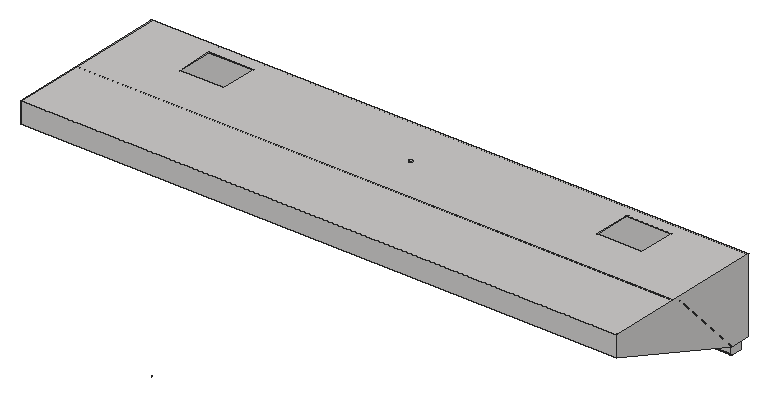
Revit family "QF_ELECTROLUXPROFESSIONAL_644219_AMPV1140DT", category Attrezzature speciali, Revit 2021
Family settings
  Quota connettore circolare = Usa diametro
  Tipo di parte = Normale
  Basato su piano di lavoro = No
  Sempre verticale = Sì
  Taglio con vuoti quando caricato = No
  Condiviso = No
  Punto di calcolo locali = No
Parameters (values of type "Standard")
  Weight = 122.00 kg
  Watts = 840 W
  Volts = 220 V
  URL Manufacturer = "https://www.electroluxprofessional.com/"
  URL = "https://www.electroluxprofessional.com/"
  Steam Supply Size = 0 mm
  Steam Supply Minimum Pressure = 0.0 Pa
  Steam Supply Maximum Pressure = 0.0 Pa
  Steam Consumption per Hour = 0
  Refrigeration Suction Line Size = 0 mm
  Refrigeration Liquid Line Size = 0 mm
  Refrigerant Compressor Remote = yes
  Prospetto di default = 0 mm
  Produttore = "Electrolux Professional"
  Phase = 1
  Modello = "AMPV1140DT"
  Length Actual = 4000 mm  # constant formula
  Item Number = "644219"
  Hot Water Size = 0 mm
  Height Actual = 500 mm  # constant formula
  HP = "1.1 HP"
  Gas Size = 0 mm
  Gas KW = 0
  Gas Input Pressure = 0 W
  Direct Waste Size = 0 mm
  Descrizione = "304 S/S WALL HOOD+FILTERS+FAN 4000X1100"
  Depth Actual = 1100 mm  # constant formula
  Cycle = 50 Hz
  Condensate Return Size = 0 mm
  Compressed Air Volume = 0.0 L/s
  Compressed Air Size = 0 mm
  Compressed Air Pressure = 0.0 Pa
  Cold Water Size = 0 mm
  Accessory = yes
Reference planes
  plane 1 "Center (Front/Back)": y = 0
  plane 2: z = 0
  plane 3 "Center (Left/Right)": x = 150
  plane 4 "LEFT": x = -1850
  plane 5 "RIGHT": x = 2150
  plane 6 "BACK": y = 550
  plane 7 "FRONT": y = -550
  plane 8 "Plane": z = 2000
  plane 9 "TOP": z = 2140
  plane 10 "Base": z = 1640
  plane 11: z = 1566
  plane 12 "DrainY": y = 485
  plane 13: x = -1847
  plane 14: through (0, 414.509, 1640.8) normal (0, 0.7314, 0.682)
  plane 15: y = 470
  plane 16: y = 220
  plane 17 "DrainX": x = 2030
  plane 18: x = -1100
  plane 19: x = 1400
  plane 20: x = -1400
  plane 21: x = 1700
  plane 22: x = 2147
  plane 23: x = 1940
  plane 24: x = 2120
  plane 25: x = -1810
  plane 26: x = -1445
  plane 27: x = -1050
  plane 28: x = 2110
  plane 29: x = 1745
  plane 30: x = 1350
  plane 31: x = -47.5
  plane 32: x = 347.5
Forms (mm)
  Extrusion 1, solid, material "QF_Finishes_Stainless Steel"
    sketch origin (-1850, 0, 0) x (0, 1, 0) y (0, 0, 1)
      loop
        line (550, 1640) -> (550, 2140) -> (-550, 2140) -> (-550, 1999.112) -> (413.973, 1640) -> (550, 1640)
    from 0 to 3
  Extrusion 2, solid, material "QF_Finishes_Stainless Steel"
    sketch origin (150, 0, 0) x (0, 1, 0) y (0, 0, 1)
      loop
        line (415.255, 1640) -> (550, 1640) -> (550, 2139.19) -> (549.2, 2139.19) -> (549.2, 1640.8) -> (415.876, 1640.8) -> (339.347, 1722.867) -> (349.609, 1732.436) -> (348.927, 1733.167) -> (337.934, 1722.917) -> (415.255, 1640)
      loop
        line (-82.203, 2139.19) -> (-82.203, 2118.6) -> (-31.047, 2118.6) -> (34.354, 2048.466) -> (46.028, 2059.352) -> (45.346, 2060.083) -> (34.403, 2049.879) -> (-30.612, 2119.6) -> (-81.203, 2119.6) -> (-81.203, 2139.19) -> (-82.203, 2139.19)
    from -1997 to 1997
  Extrusion 3, solid, material "QF_Finishes_Stainless Steel"
    sketch origin (2150, 0, 0) x (0, 1, 0) y (0, 0, 1)
      loop
        line (550, 1640) -> (550, 2140) -> (-550, 2140) -> (-550, 1999.112) -> (413.973, 1640) -> (550, 1640)
    from 0 to -3
  Extrusion 4, solid, material "QF_Finishes_Stainless Steel"
    sketch origin (150, 0, 0) x (0, 1, 0) y (0, 0, 1)
      loop
        line (-550, 2140) -> (-550, 2000) -> (-549.2, 2000) -> (-549.2, 2139.19) -> (550, 2139.19) -> (550, 2140) -> (-550, 2140)
    from -2000 to 2000
  Extrusion 5, solid, material "QF_Finishes_Stainless Steel"
    sketch origin (150, 0, 0) x (0, 1, 0) y (0, 0, 1)
      loop
        line (534, 1640) -> (436, 1640) -> (436, 1627) -> (443.5, 1627) -> (443.5, 1576)
        arc (443.5, 1576) -> (446.429, 1568.929) -> (453.5, 1566) r 10
        line (453.5, 1566) -> (516.5, 1566)
        arc (516.5, 1566) -> (523.571, 1568.929) -> (526.5, 1576) r 10
        line (526.5, 1576) -> (526.5, 1627) -> (534, 1627) -> (534, 1640)
    from 1790 to 1970
  Extrusion 6, solid, material "QF_Finishes_Stainless Steel"
    sketch origin (0, 0, 1640) x (0, 1, 0) y (-1, 0, 0)
      loop
        circle (485, -2030) r 20
    from -76 to -74
  Extrusion 7, solid, material "QF_Finished_Chrome"
    sketch origin (150, 0, 0) x (0, 1, 0) y (0, 0, 1)
      loop
        line (337.934, 1722.917) -> (341.591, 1726.327) -> (38.011, 2051.876) -> (34.354, 2048.466) -> (337.934, 1722.917)
    from -1595 to -1960
  Extrusion 8, solid, material "QF_Finished_Chrome"
    sketch origin (150, 0, 0) x (0, 1, 0) y (0, 0, 1)
      loop
        line (337.934, 1722.917) -> (341.591, 1726.327) -> (38.011, 2051.876) -> (34.354, 2048.466) -> (337.934, 1722.917)
    from -197.5 to -1200
  Extrusion 9, solid, material "QF_Finishes_Stainless Steel"
    sketch origin (150, 0, 0) x (0, 1, 0) y (0, 0, 1)
      loop
        line (337.934, 1722.917) -> (341.591, 1726.327) -> (38.011, 2051.876) -> (34.354, 2048.466) -> (337.934, 1722.917)
    from 1997 to 1960
  Extrusion 10, solid, material "QF_Finishes_Stainless Steel"
    sketch origin (150, 0, 0) x (0, 1, 0) y (0, 0, 1)
      loop
        line (341.588, 1726.324) -> (38.009, 2051.874) -> (34.354, 2048.466) -> (337.934, 1722.917) -> (341.588, 1726.324)
    from -1595 to -1200
  Extrusion 11, solid, material "QF_Finished_Chrome"
    sketch origin (150, 0, 0) x (0, 1, 0) y (0, 0, 1)
      loop
        line (341.588, 1726.324) -> (38.009, 2051.874) -> (34.354, 2048.466) -> (337.934, 1722.917) -> (341.588, 1726.324)
    from 1595 to 1960
  Extrusion 12, void
    sketch origin (0, 0, 2140) x (0, 1, 0) y (-1, 0, 0)
      loop
        line (470, 1400) -> (220, 1400) -> (220, 1100) -> (470, 1100) -> (470, 1400)
    from 0 to -10
  Extrusion 13, void
    sketch origin (940, 0, 2140) x (0, 1, 0) y (-1, 0, 0)
      loop
        line (470, -460) -> (220, -460) -> (220, -760) -> (470, -760) -> (470, -460)
    from 0 to -10
  Extrusion 14, solid, material "QF_Finishes_Stainless Steel"
    sketch origin (0, 0, 0) x (1, 0, 0) y (0, 1, 0)
      loop
        line (-1850, 550) -> (-1850, 549) -> (-1849, 549) -> (-1849, 550) -> (-1850, 550)
    from 0 to 1
  Extrusion 15, solid, material "QF_Finishes_Stainless Steel"
    sketch origin (150, 0, 0) x (0, 1, 0) y (0, 0, 1)
      loop
        line (337.934, 1722.917) -> (341.591, 1726.327) -> (38.011, 2051.876) -> (34.354, 2048.466) -> (337.934, 1722.917)
    from -1960 to -1997
  Extrusion 16, solid, material "QF_Finishes_Stainless Steel"
    sketch origin (150, 0, 0) x (0, 1, 0) y (0, 0, -1)
      loop
        line (341.588, -1726.324) -> (337.934, -1722.917) -> (34.354, -2048.466) -> (38.009, -2051.874) -> (341.588, -1726.324)
    from -1595 to -1200
  Extrusion 17, solid, material "QF_Finished_Chrome"
    sketch origin (150, 0, 0) x (0, 1, 0) y (0, 0, 1)
      loop
        line (337.934, 1722.917) -> (341.591, 1726.327) -> (38.011, 2051.876) -> (34.354, 2048.466) -> (337.934, 1722.917)
    from 1200 to 197.5
  Extrusion 18, solid, material "QF_Finishes_Stainless Steel"
    sketch origin (150, 0, 0) x (0, 1, 0) y (0, 0, -1)
      loop
        line (341.588, -1726.324) -> (337.934, -1722.917) -> (34.354, -2048.466) -> (38.009, -2051.874) -> (341.588, -1726.324)
    from -197.5 to 197.5
  Extrusion 19, solid, material "QF_Finishes_Stainless Steel"
    sketch origin (0, 0, 2140) x (0, 1, 0) y (-1, 0, 0)
      loop
        circle (220, -150) r 10
    from 0 to 1.6
Cuts and joins
  Extrusion 12, Extrusion 13 cuts Extrusion 4
  joined: Extrusion 2, Extrusion 4
Lines and regions (mm)
  reference lines
    curve 1: line (150, 34.354, 2048.466) -> (150, 34.354, 1888.466)
  symbolic lines, style "SpecialityEquipment", detail levels coarse
    curve 2: line (2150, 550, 2140) -> (-1850, 550, 2140)
    curve 3: line (-1850, 550, 2140) -> (-1850, -550, 2140)
    curve 4: line (2150, -550, 2140) -> (2150, 550, 2140)
    curve 5: line (-1850, -550, 2140) -> (2150, -550, 2140)
    curve 6: line (-1400, 220, 2140) -> (-1100, 220, 2140)
    curve 7: line (-1400, 470, 2140) -> (-1400, 220, 2140)
    curve 8: line (-1100, 470, 2140) -> (-1400, 470, 2140)
    curve 9: line (-1100, 220, 2140) -> (-1100, 470, 2140)
    curve 10: line (1400, 470, 2140) -> (1400, 220, 2140)
    curve 11: line (1400, 220, 2140) -> (1700, 220, 2140)
    curve 12: line (1700, 470, 2140) -> (1400, 470, 2140)
    curve 13: line (1700, 220, 2140) -> (1700, 470, 2140)
    curve 14: line (-1850, -550, 0) -> (2150, 550, 0)
    curve 15: line (2150, -550, 0) -> (-1850, 550, 0)
Dimensions and locks
  plane 4 "LEFT" to plane 5 "RIGHT" = 4000 mm
  equal spacing: plane 4 "LEFT", plane 3 "Center (Left/Right)", plane 5 "RIGHT"
  locked: plane 8 "Plane" to level at 2000
  plane 9 "TOP" to plane 8 "Plane" = 140 mm
  locked: plane 9 "TOP" to plane 10 "Base" at 500
  plane 10 "Base" to plane 11 = 74 mm
  plane 6 "BACK" to plane 12 "DrainY" = 65 mm  (x2)
  plane 4 "LEFT" to plane 13 = 3 mm
  plane 6 "BACK" to plane 15 = 80 mm
  plane 15 to plane 16 = 250 mm  (x2)
  plane 17 "DrainX" to plane 5 "RIGHT" = 120 mm
  locked: plane 18 to plane 19 at 2500
  equal spacing: plane 18, plane 3 "Center (Left/Right)", plane 19
  plane 20 to plane 18 = 300 mm
  plane 19 to plane 21 = 300 mm
  plane 22 to plane 5 "RIGHT" = 3 mm
  locked: plane 23 to plane 17 "DrainX" at 90
  locked: plane 17 "DrainX" to plane 24 at 90
  plane 6 "BACK" to plane 7 "FRONT" = 1100 mm  (x2)
  equal spacing: plane 6 "BACK", plane 1 "Center (Front/Back)", plane 7 "FRONT"
  plane 16 to plane 7 "FRONT" = 770 mm
  plane 15 to plane 6 "BACK" = 80 mm
  locked: plane 4 "LEFT" to plane 25 at 40
  locked: plane 25 to plane 26 at 365
  locked: plane 26 to plane 27 at 395
  locked: plane 28 to plane 29 at 365
  locked: plane 29 to plane 30 at 395
  locked: plane 28 to plane 5 "RIGHT" at 40
  locked: plane 31 to plane 32 at 395
  equal spacing: plane 31, plane 3 "Center (Left/Right)", plane 32
  plane 27 to plane 31 = 1002.5 mm
  plane 32 to plane 30 = 1002.5 mm
  aligned and locked: level to plane 2
  aligned and locked: Extrusion 2 to Extrusion 1
  aligned and locked: Extrusion 2 to Extrusion 3
  aligned and locked: plane 5 "RIGHT" to Extrusion 4
  aligned and locked: Extrusion 4 to plane 4 "LEFT"
  aligned and locked: plane 22 to Extrusion 9
  aligned and locked: plane 20 to Extrusion 12
  aligned and locked: Extrusion 12 to plane 18
  aligned and locked: Extrusion 12 to plane 16
  aligned and locked: Extrusion 12 to plane 15
  aligned and locked: Extrusion 13 to plane 21
  aligned and locked: plane 19 to Extrusion 13
  aligned and locked: Extrusion 2 to Extrusion 4
  aligned and locked: plane 24 to Extrusion 5
  aligned and locked: Extrusion 5 to plane 23
  aligned and locked: Extrusion 9 to plane 28
  aligned and locked: Extrusion 11 to plane 28
  aligned and locked: Extrusion 11 to plane 29
  aligned and locked: Extrusion 8 to plane 27
  aligned and locked: plane 27 to Extrusion 10
  aligned and locked: Extrusion 10 to plane 26
  aligned and locked: plane 26 to Extrusion 7
  aligned and locked: Extrusion 7 to plane 25
  aligned and locked: Extrusion 15 to plane 13
  aligned and locked: plane 25 to Extrusion 15
  aligned and locked: Extrusion 16 to plane 30
  aligned and locked: Extrusion 16 to plane 29
  aligned and locked: Extrusion 3 to plane 22
  aligned and locked: plane 31 to Extrusion 8
  aligned and locked: Extrusion 17 to plane 30
  aligned and locked: Extrusion 17 to plane 32
  aligned and locked: plane 32 to Extrusion 18
  aligned and locked: Extrusion 18 to plane 31
Automatic sketch dimensions
  curve 5 to plane 4 "LEFT" = 0 mm
  curve 5 to plane 7 "FRONT" = 0 mm
  curve 9 to plane 16 = 0 mm
  curve 10 to plane 16 = 0 mm
  plane 15 to curve 8 = 0 mm
  plane 15 to curve 12 = 0 mm
  curve 3 to plane 6 "BACK" = 0 mm
  curve 5 to plane 5 "RIGHT" = 0 mm
  curve 11 to plane 21 = 0 mm
  curve 10 to plane 19 = 0 mm
  curve 6 to plane 18 = 0 mm
  curve 6 to plane 20 = 0 mm
  Extrusion 1 sketch curve to plane 7 "FRONT" = 0 mm
  Extrusion 1 sketch curve to plane 10 "Base" = 0 mm
  Extrusion 1 sketch curve to plane 6 "BACK" = 0 mm
  Extrusion 1 sketch curve to plane 9 "TOP" = 0 mm
  plane 15 to Extrusion 1 sketch curve = 56.027 mm
  Extrusion 1 sketch curve to plane 8 "Plane" = 0.888 mm
  Extrusion 2 sketch curve to plane 14 = 0 mm  (x3)
  Extrusion 2 sketch curve to plane 10 "Base" = 0 mm
  plane 14 to Extrusion 2 sketch curve = 0 mm
  Extrusion 2 sketch curve to plane 6 "BACK" = 0 mm
  Extrusion 2 sketch curve to Extrusion 2 sketch curve = 65.646 mm
  Extrusion 2 sketch curve to Extrusion 2 sketch curve = 0.682 mm  (x2)
  Extrusion 2 sketch curve to Extrusion 2 sketch curve = 10.261 mm
  plane 10 "Base" to Extrusion 2 sketch curve = 82.917 mm
  Extrusion 2 sketch curve to plane 1 "Center (Front/Back)" = 46.028 mm
  Extrusion 2 sketch curve to Extrusion 2 sketch curve = 10.942 mm
  Extrusion 2 sketch curve to Extrusion 2 sketch curve = 0.049 mm
  Extrusion 2 sketch curve to plane 9 "TOP" = 20.4 mm
  Extrusion 2 sketch curve to plane 9 "TOP" = 21.4 mm
  Extrusion 2 sketch curve to plane 9 "TOP" = 0.81 mm  (x2)
  Extrusion 2 sketch curve to Extrusion 2 sketch curve = 50.156 mm
  Extrusion 2 sketch curve to Extrusion 2 sketch curve = 1 mm
  plane 10 "Base" to Extrusion 2 sketch curve = 0.8 mm
  Extrusion 2 sketch curve to plane 6 "BACK" = 0.8 mm
  Extrusion 3 sketch curve to plane 7 "FRONT" = 0 mm
  Extrusion 3 sketch curve to plane 10 "Base" = 0 mm
  Extrusion 3 sketch curve to plane 6 "BACK" = 0 mm
  Extrusion 3 sketch curve to plane 9 "TOP" = 0 mm
  plane 15 to Extrusion 3 sketch curve = 56.027 mm
  Extrusion 3 sketch curve to plane 8 "Plane" = 0.888 mm
  Extrusion 4 sketch curve to plane 7 "FRONT" = 0 mm
  Extrusion 4 sketch curve to plane 8 "Plane" = 0 mm
  Extrusion 4 sketch curve to plane 6 "BACK" = 0 mm
  Extrusion 4 sketch curve to plane 9 "TOP" = 0 mm
  plane 7 "FRONT" to Extrusion 4 sketch curve = 0.8 mm
  Extrusion 4 sketch curve to plane 9 "TOP" = 0.81 mm
  curve 1 to plane 14 = 0 mm
  curve 1 to plane 1 "Center (Front/Back)" = 34.354 mm
  curve 1 to plane 8 "Plane" = 111.534 mm
  Extrusion 5 sketch curve to plane 10 "Base" = 0 mm
  Extrusion 5 sketch curve to plane 11 = 0 mm
  Extrusion 5 sketch curve to plane 10 "Base" = 13 mm  (x2)
  plane 15 to Extrusion 5 sketch curve = 34 mm
  Extrusion 5 sketch curve to Extrusion 5 sketch curve = 7.5 mm  (x2)
  Extrusion 5 sketch curve to Extrusion 5 sketch curve = 10 mm
  plane 12 "DrainY" to Extrusion 5 sketch curve = 31.5 mm
  Extrusion 5 sketch curve to plane 6 "BACK" = 23.5 mm
  Extrusion 6 sketch curve to plane 12 "DrainY" = 0 mm
  Extrusion 6 sketch curve to plane 17 "DrainX" = 0 mm
  Extrusion 7 sketch curve to plane 14 = 0 mm  (x2)
  Extrusion 7 sketch curve to plane 1 "Center (Front/Back)" = 34.354 mm
  Extrusion 7 sketch curve to Extrusion 7 sketch curve = 3.657 mm
  plane 10 "Base" to Extrusion 7 sketch curve = 82.917 mm
  Extrusion 8 sketch curve to plane 14 = 0 mm  (x2)
  Extrusion 8 sketch curve to plane 1 "Center (Front/Back)" = 34.354 mm
  Extrusion 8 sketch curve to Extrusion 8 sketch curve = 3.657 mm
  plane 10 "Base" to Extrusion 8 sketch curve = 82.917 mm
  Extrusion 9 sketch curve to plane 14 = 0 mm  (x2)
  Extrusion 9 sketch curve to plane 1 "Center (Front/Back)" = 34.354 mm
  Extrusion 9 sketch curve to Extrusion 9 sketch curve = 3.657 mm
  plane 10 "Base" to Extrusion 9 sketch curve = 82.917 mm
  Extrusion 10 sketch curve to plane 14 = 0 mm  (x2)
  Extrusion 10 sketch curve to plane 1 "Center (Front/Back)" = 34.354 mm
  Extrusion 10 sketch curve to Extrusion 10 sketch curve = 3.655 mm
  plane 10 "Base" to Extrusion 10 sketch curve = 82.917 mm
  Extrusion 11 sketch curve to plane 14 = 0 mm  (x2)
  Extrusion 11 sketch curve to plane 1 "Center (Front/Back)" = 34.354 mm
  Extrusion 11 sketch curve to Extrusion 11 sketch curve = 3.655 mm
  plane 10 "Base" to Extrusion 11 sketch curve = 82.917 mm
  Extrusion 12 sketch curve to plane 16 = 0 mm
  plane 15 to Extrusion 12 sketch curve = 0 mm
  Extrusion 12 sketch curve to plane 18 = 0 mm
  Extrusion 12 sketch curve to plane 20 = 0 mm
  Extrusion 13 sketch curve to plane 16 = 0 mm
  plane 15 to Extrusion 13 sketch curve = 0 mm
  Extrusion 13 sketch curve to plane 21 = 0 mm
  Extrusion 13 sketch curve to plane 19 = 0 mm
  Extrusion 14 sketch curve to plane 4 "LEFT" = 0 mm
  Extrusion 14 sketch curve to plane 6 "BACK" = 0 mm
  plane 4 "LEFT" to Extrusion 14 sketch curve = 1 mm
  Extrusion 14 sketch curve to Extrusion 14 sketch curve = 1 mm
  Extrusion 15 sketch curve to plane 14 = 0 mm  (x2)
  Extrusion 15 sketch curve to plane 1 "Center (Front/Back)" = 34.354 mm
  Extrusion 15 sketch curve to Extrusion 15 sketch curve = 3.657 mm
  plane 10 "Base" to Extrusion 15 sketch curve = 82.917 mm
  Extrusion 16 sketch curve to plane 14 = 0 mm  (x2)
  Extrusion 16 sketch curve to plane 1 "Center (Front/Back)" = 34.354 mm
  Extrusion 16 sketch curve to Extrusion 16 sketch curve = 3.655 mm
  plane 10 "Base" to Extrusion 16 sketch curve = 82.917 mm
  Extrusion 17 sketch curve to plane 14 = 0 mm  (x2)
  Extrusion 17 sketch curve to plane 1 "Center (Front/Back)" = 34.354 mm
  Extrusion 17 sketch curve to Extrusion 17 sketch curve = 3.657 mm
  plane 10 "Base" to Extrusion 17 sketch curve = 82.917 mm
  Extrusion 18 sketch curve to plane 14 = 0 mm  (x2)
  Extrusion 18 sketch curve to plane 1 "Center (Front/Back)" = 34.354 mm
  Extrusion 18 sketch curve to Extrusion 18 sketch curve = 3.655 mm
  plane 10 "Base" to Extrusion 18 sketch curve = 82.917 mm
  curve 15 to plane 4 "LEFT" = 0 mm
  curve 14 to plane 4 "LEFT" = 0 mm
  curve 15 to plane 5 "RIGHT" = 0 mm
  curve 14 to plane 5 "RIGHT" = 0 mm
  curve 15 to plane 7 "FRONT" = 0 mm
  curve 14 to plane 7 "FRONT" = 0 mm
  curve 15 to plane 6 "BACK" = 0 mm
  curve 14 to plane 6 "BACK" = 0 mm
  Extrusion 19 sketch curve to plane 3 "Center (Left/Right)" = 0 mm
  Extrusion 19 sketch curve to plane 16 = 0 mm
  radius of Extrusion 6 sketch curve = 20 mm
  radius of Extrusion 19 sketch curve = 10 mm
Connectors
  piping at (2030, 485, 1564), diameter 20
    settings: on Extrusion 6, index 1, connector inside diameter 609.6 mm, connector length 0 mm, flow factor 0, pipe flow 0.0 L/s, pressure drop 0.0 Pa, fitting loss kfactor 0, connector angle 0.00°, fixture units 0, engagement length 0 mm, angle of deflection 0.00°, flow configuration 1, flow direction 2, fitting loss method 0, system type 16, joint type 0, gender type 0, connector reference index -1, connector utility 0, adjustable connector no, is connector primary yes, connector description "Drain"
  hvac at (-1250, 345, 2140)
    settings: on Extrusion 12, index 2, duct flow 0.0 L/s, flow factor 0, pres drop 0.0 Pa, loss coef 0, conn angle 0.00°, conn width 250 mm, conn height 300 mm, conn diameter 609.6 mm, duct sys type 3, conn prof type 1, flow config 1, flow direction 2, loss method 0, conn ref index -1, conn util no, is conn primary yes, conn desc "EXHAUST OUTLET"
  hvac at (1550, 345, 2140)
    settings: on Extrusion 13, index 3, duct flow 0.0 L/s, flow factor 0, pres drop 0.0 Pa, loss coef 0, conn angle 0.00°, conn width 250 mm, conn height 300 mm, conn diameter 609.6 mm, duct sys type 3, conn prof type 1, flow config 1, flow direction 2, loss method 0, conn ref index -1, conn util no, is conn primary no, conn desc "EXHAUST OUTLET"
  electrical at (150, 220, 2140), driven by "Volts"
    settings: on Extrusion 19, index 4, voltage 220 V, apparent load 0 VA, apparent load phase1 0 VA, apparent load phase2 0 VA, apparent load phase3 0 VA, power factor 1, load classification "Other", number of poles 1, system type 30, power factor state 1, is connector primary yes, connector utility no, sub classification motor no, connector description "Electrical Connection"
